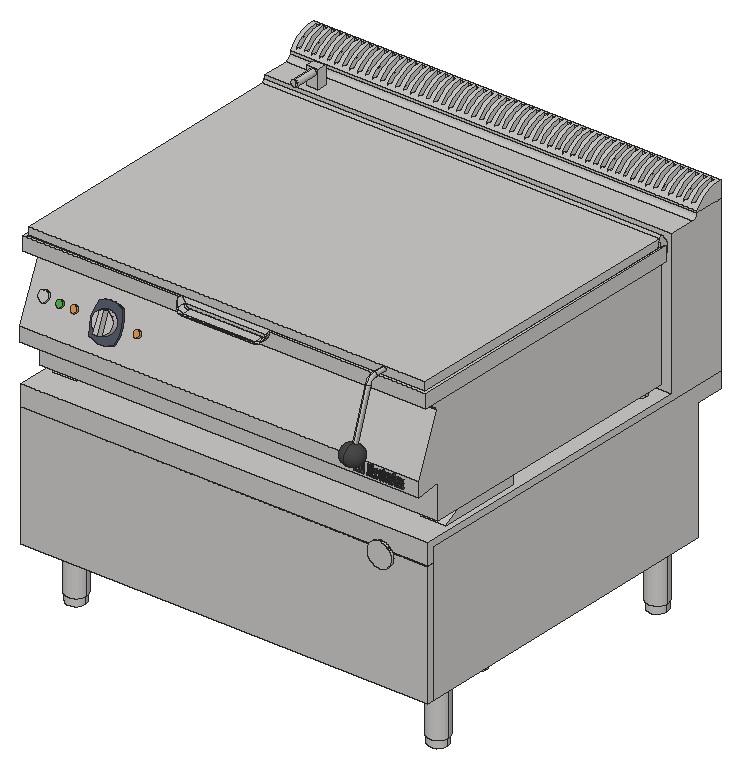
Revit family "QF_ELECTROLUXPROFESSIONAL_391286_E9BRGJDP4M", category Specialty Equipment, Revit 2018
Family settings
  Round Connector Dimension = Use Diameter
  Part Type = Normal
  Work Plane-Based = No
  Always vertical = Yes
  Cut with Voids When Loaded = No
  Shared = No
  Room Calculation Point = No
Parameters (values of type "Standard")
  Weight = 180.00 kg
  Watts = 0 W
  Volts = 220 V
  URL Manufacturer = "https://www.electroluxprofessional.com/"
  URL = "https://www.electroluxprofessional.com/"
  Steam Supply Size = 0"
  Steam Supply Minimum Pressure = 0.00 psi
  Steam Supply Maximum Pressure = 0.00 psi
  Steam Pounds per Hour = 0
  Show Logo [instance] = yes
  Show Clearance [instance] = yes
  Refrigeration Suction Line Size = 0 mm
  Refrigeration Liquid Line Size = 0 mm
  Refrigerant Compressor Remote = yes
  Phase = 1
  Model = "E9BRGJDP4M"
  Manufacturer = "Electrolux Professional"
  Length Actual = 1000 mm  # constant formula
  Item Number = "391286"
  Hot Water Size = 0"
  Height Actual = 850 mm  # constant formula
  HP = "0.1 HP"
  Gas Size = 1/2"
  Gas KW = 27
  Gas Input Pressure = 0.805176 Btu/h
  Direct Waste Size = 0"
  Description = "100L GAS BRATTPAN DUOMAT BOTTOM AUT-60HZ"
  Depth Actual = 930 mm  # constant formula
  Cycle = 60 Hz
  Condensate Return Size = 0"
  Compressed Air Volume = 0 GPM
  Compressed Air Size = 0"
  Compressed Air Pressure = 0.00 psi
  Cold Water Size = 3/4"
  Assembly Code = ""
  Accessory = yes
Reference planes
  plane 1 "BACK": y = 0
  plane 2: z = 0
  plane 3 "LEFT": x = 0
  plane 4 "RIGHT": x = 1000
  plane 5 "FRONT": y = -915
  plane 6 "TOP": z = 908
  plane 7 "Center Y": x = 500
  plane 8 "Center X": y = -457.5
  plane 9 "Base": z = 149
  plane 10: z = 502.193
  plane 11: z = 1653
  plane 12: y = -125
  plane 13: y = -799
  plane 14: x = 55
  plane 15: y = -160.853
  plane 16: x = 945
  plane 17: y = -1014
  plane 18: y = -899.182
  plane 19: x = 986
  plane 20: z = 850
  plane 21 "Connection": z = 182
  plane 22: y = -706
  plane 23: x = 265
  plane 24: x = 105
  plane 25: x = 195
  plane 26 "FUME": z = 866.248
Forms (mm)
  Revolve 1, solid, material "QF_Finishes_Stainless Steel"
    sketch origin (0, -125, 0) x (1, 0, 0) y (0, 0, 1)
      loop
        line (55, 0) -> (55, 149) -> (29.6, 149) -> (29.6, 19.05) -> (32.1, 19.05) -> (32.1, 0) -> (55, 0)
      axis (55, 0) -> (55, 149)
    angle from 0 to 360
  Revolve 2, solid, material "QF_Finishes_Stainless Steel"
    sketch origin (0, -799, 0) x (1, 0, 0) y (0, 0, 1)
      loop
        line (55, 0) -> (55, 149) -> (29.6, 149) -> (29.6, 19.05) -> (32.1, 19.05) -> (32.1, 0) -> (55, 0)
      axis (55, 0) -> (55, 149)
    angle from 0 to 360
  Extrusion 3, solid, material "QF_Finishes_Stainless Steel"
    sketch origin (0, -214.682, 0) x (0, 1, 0) y (0, 0, 1)
      loop
        line (214.682, 487.193) -> (214.682, 866.248) -> (143.055, 866.248)
        arc (143.055, 866.248) -> (139.432, 857.502) -> (130.686, 853.88) r 12.368
        line (130.686, 853.88) -> (64.682, 853.88) -> (64.682, 502.193) -> (-684.5, 502.193) -> (-684.5, 452.193) -> (-669.5, 452.193) -> (-669.5, 487.193) -> (214.682, 487.193)
      loop
        line (-669.5, 149) -> (-669.5, 451.193) -> (-684.5, 451.193) -> (-684.5, 149) -> (-669.5, 149)
    from 0 to 1000
  Extrusion 4, solid, material "QF_Finishes_Stainless Steel"
    sketch origin (0, -214.682, 0) x (0, 1, 0) y (0, 0, 1)
      loop
        line (44.029, 528.406) -> (44.029, 817.127) -> (-678.5, 817.127) -> (-678.5, 809.681) -> (-643.264, 774.446) -> (-700.318, 641.094) -> (-700.318, 606.094) -> (-640.765, 613.406) -> (-640.765, 528.406) -> (44.029, 528.406)
    from 10 to 990
  Sweep 5, solid, material "QF_Finishes_Stainless Steel"
    path origin (0, -204.882, 145) x (-1, 0, 0) y (0, -1, 0)
      loop
        line (-389.998, 694.3) -> (-5, 694.3) -> (-5, -44.029) -> (-995, -44.029) -> (-995, 694.3) -> (-610.002, 694.3)
    profile origin (802.501, -899.182, 145) x (0, -1, 0) y (0, 0, 1)
      loop
        line (-5, 651.359) -> (0, 651.359) -> (0, 685.301) -> (-6, 685.301) -> (-6, 681.062) -> (-5, 681.062) -> (-5, 651.359)
  Extrusion 6, solid, material "QF_Finishes_Stainless Steel"
    sketch origin (0, -214.682, -5) x (0, 1, 0) y (0, 0, 1)
      loop
        line (33.715, 835.301) -> (42.572, 855) -> (-677.138, 855) -> (-677.138, 835.301) -> (33.715, 835.301)
      loop
        arc (64.305, 837.022) -> (57.071, 850.749) -> (45.92, 861.539) r 49.182
        line (45.92, 861.539) -> (39.069, 846.301) -> (45.904, 846.301) -> (45.904, 832.604) -> (64.305, 814.204) -> (64.305, 837.022)
    from 12.363 to 987.637
  Extrusion 7, solid, material "QF_Finishes_Stainless Steel"
    sketch origin (0, -214.682, 0) x (0, 1, 0) y (0, 0, 1)
      loop
        line (-403.818, 528.406) -> (-556.057, 528.406) -> (-609.801, 502.193) -> (-403.818, 502.193) -> (-403.818, 528.406)
    from 16.63 to 76.513
  Extrusion 8, solid, material "QF_Finishes_Stainless Steel"
    sketch origin (0, -207.182, 150) x (-1, 0, 0) y (0, -1, 0)
      loop
        circle (-953.429, -17.496) r 15
      loop
        circle (-46.571, -17.496) r 15
    from 352.193 to 378.406
  Extrusion 9, solid, material "QF_Finishes_Stainless Steel"
    sketch origin (0, -64.682, 0) x (0, 1, 0) y (0, 0, 1)
      loop
        line (-43.387, 853.88) -> (-43.387, 898) -> (-67.444, 898) -> (-67.444, 853.88) -> (-43.387, 853.88)
    from 87.469 to 116.843
  Revolve 10, solid, material "QF_Finishes_Stainless Steel"
    sketch origin (103.25, -64.682, -10) x (0, 1, 0) y (0, 0, 1)
      loop
        line (-67.444, 898.097) -> (-67.444, 906.222) -> (-123.629, 906.222) -> (-123.629, 898.097) -> (-67.444, 898.097)
      axis (-123.629, 898.097) -> (-67.444, 898.097)
    angle from 0 to 360
  Extrusion 11, solid, material "QF_Clearances", visible <- "Show Clearance", detail levels coarse
    sketch origin (0, -214.682, 0) x (1, 0, 0) y (0, 1, 0)
      loop
        line (1000, 214.682) -> (1000, -700.318) -> (1050, -700.318) -> (1050, 264.682) -> (-50, 264.682) -> (-50, -700.318) -> (0, -700.318) -> (0, 214.682) -> (1000, 214.682)
    from 0 to 908
  Extrusion 12, solid, material "QF_Finishes_Stainless Steel"
    sketch origin (1000, 0, 0) x (0, 1, 0) y (0, 0, 1)
      loop
        line (-884.182, 149) -> (-69, 149) -> (-69, 448) -> (0, 448) -> (0, 487.193) -> (-884.182, 487.193) -> (-884.182, 149)
    from 0 to -1000
  Revolve 13, solid, material "QF_Finishes_Stainless Steel"
    sketch origin (1000, -125, 0) x (-1, 0, 0) y (0, 0, -1)
      loop
        line (55, 0) -> (32.1, 0) -> (32.1, -19.05) -> (29.6, -19.05) -> (29.6, -149) -> (55, -149) -> (55, 0)
      axis (55, 0) -> (55, -149)
    angle from 0 to 360
  Revolve 14, solid, material "QF_Finishes_Stainless Steel"
    sketch origin (1000, -799, 0) x (-1, 0, 0) y (0, 0, -1)
      loop
        line (55, 0) -> (32.1, 0) -> (32.1, -19.05) -> (29.6, -19.05) -> (29.6, -149) -> (55, -149) -> (55, 0)
      axis (55, 0) -> (55, -149)
    angle from 0 to 360
  Extrusion 15, solid, material "QF_Finishes_Stainless Steel"
    sketch origin (1000, -69, 149) x (-1, 0, 0) y (0, 1, 0)
      loop
        circle (14, -649.182) r 12.7
    from 0 to 5
  Extrusion 16, solid, material "QF_Finishes_Stainless Steel"
    sketch origin (-3.75, -899.182, 149) x (0, 0, 1) y (-1, 0, 0)
      loop
        circle (289.443, -888.75) r 30
    from 0 to 5
  Extrusion 17, solid, material "QF_Finishes_Stainless Steel"
    sketch origin (0, 0, 182) x (-1, 0, 0) y (0, -1, 0)
      loop
        circle (-105, 706) r 6.35
    from 0 to 45
  Extrusion 18, solid, material "QF_Finishes_Stainless Steel"
    sketch origin (21.213, 21.213, 182) x (-1, 0, 0) y (0, -1, 0)
      loop
        circle (-173.787, 719.213) r 6.35
    from 0 to 45
  Extrusion 19, solid, material "QF_Finishes_Stainless Steel"
    sketch origin (130, 0, 182) x (-1, 0, 0) y (0, -1, 0)
      loop
        circle (-135, 706) r 6.35
    from 0 to 45
  Extrusion 20, solid, material "QF_Finishes_Orange"
    sketch origin (9.372, -901.482, 672.689) x (0, 0.393353, 0.919387) y (-1, 0, 0)
      loop
        circle (34.513, -113.251) r 8
    from 0 to 3.175
  Extrusion 21, solid, material "QF_Finishes_Green"
    sketch origin (14.068, -901.51, 672.624) x (0, 0.393353, 0.919387) y (-1, 0, 0)
      loop
        circle (34.513, -73.251) r 8
    from 0 to 3.175
  Extrusion 22, solid, material "QF_Finishes_Stainless Steel"
    sketch origin (-159.296, -918.156, 641.79) x (0, 0.393353, 0.919387) y (-1, 0, 0)
      loop
        circle (68.826, -362.213) r 25.4
    from 0 to 12.7
  Extrusion 23, solid, material "QF_Finishes_Stainless Steel"
    sketch origin (-159.296, -929.832, 646.786) x (0, 0.393353, 0.919387) y (-1, 0, 0)
      loop
        arc (93.558, -367.999) -> (94.226, -362.213) -> (93.558, -356.427) r 25.4
        line (93.558, -356.427) -> (44.094, -356.427)
        arc (44.094, -356.427) -> (43.426, -362.213) -> (44.094, -367.999) r 25.4
        line (44.094, -367.999) -> (93.558, -367.999)
    from 0 to 12.7
  Extrusion 24, solid, material "QF_Finishes_Stainless Steel"
    sketch origin (-189.063, -915, 641.094) x (0, 0.393353, 0.919387) y (-1, 0, 0)
      loop
        circle (71.473, -236.635) r 12.7
    from 0 to 3.2
  Extrusion 25, solid, material "QF_Finishes_Orange"
    sketch origin (164.372, -901.482, 672.689) x (0, 0.393353, 0.919387) y (-1, 0, 0)
      loop
        circle (34.513, -113.251) r 8
    from 0 to 3.175
  Extrusion 26, solid, material "QF_Finishes_Stainless Steel"
    sketch origin (50, -201.682, -15.905) x (1, 0, 0) y (0, 0, 1)
      loop
        line (361.528, 822.127) -> (538.476, 822.127)
        arc (538.476, 822.127) -> (548.276, 824.753) -> (555.45, 831.927) r 19.6
        line (555.45, 831.927) -> (559.998, 839.805) -> (559.998, 846.205) -> (552.678, 833.527)
        arc (552.678, 833.527) -> (546.676, 827.524) -> (538.476, 825.327) r 16.4
        line (538.476, 825.327) -> (361.528, 825.327)
        arc (361.528, 825.327) -> (353.322, 827.526) -> (347.314, 833.534) r 16.413
        line (347.314, 833.534) -> (339.998, 846.205) -> (339.998, 839.805) -> (344.543, 831.934)
        arc (344.543, 831.934) -> (351.722, 824.755) -> (361.528, 822.127) r 19.613
    from 697.5 to 717.595
  Extrusion 27, void
    sketch origin (950, 188.397, 1219.2) x (0, -1, 0) y (0, 0, 1)
      loop
        line (1110.167, -415.736) -> (1110.167, -387.945) -> (1093.05, -387.945) -> (1110.167, -415.736)
    from 290.004 to 610
  Extrusion 28, solid, material "QF_Finishes_Stainless Steel"
    sketch origin (1000, -214.682, 0) x (0, 1, 0) y (0, 0, -1)
      loop
        line (-403.818, -528.406) -> (-403.818, -502.193) -> (-609.801, -502.193) -> (-556.057, -528.406) -> (-403.818, -528.406)
    from 16.63 to 76.513
  Sweep 29, solid, material "QF_Finishes_Stainless Steel"
    path origin (208.879, -214.682, -10) x (0, 1, 0) y (0, 0, 1)
      loop
        line (-677.138, 852.831) -> (-705.492, 852.831)
        arc (-705.492, 852.831) -> (-716.963, 849.214) -> (-724.286, 839.672) r 20
        line (-724.286, 839.672) -> (-765.322, 726.924)
    profile origin (208.879, -905.997, 842.831) x (0, 0, -1) y (1, 0, 0)
      loop
        circle (0, 676.16) r 5
  Revolve 30, solid, material "QF_Finishes_Black"
    sketch origin (884.991, -194.682, 0) x (0, 1, 0) y (0, 0, 1)
      loop
        line (-785.322, 716.924) -> (-792.738, 719.623)
        arc (-792.738, 719.623) -> (-818.978, 701.075) -> (-800.713, 674.638) r 22.845
        line (-800.713, 674.638) -> (-785.322, 716.924)
      axis (-785.322, 716.924) -> (-800.713, 674.638)
    angle from 0 to 360
  Extrusion 31, solid, material "QF_Clearances", visible <- "Show Clearance", detail levels coarse
    sketch origin (200, -996.643, 709.193) x (0, 0.238373, -0.971174) y (0, 0.971174, 0.238373)
      loop
        line (33.715, 835.301) -> (42.572, 855) -> (-677.138, 855) -> (-677.138, 835.301) -> (33.715, 835.301)
      loop
        arc (64.305, 837.022) -> (57.071, 850.749) -> (45.92, 861.539) r 49.182
        line (45.92, 861.539) -> (39.069, 846.301) -> (45.904, 846.301) -> (45.904, 832.604) -> (64.305, 814.204) -> (64.305, 837.022)
    from -187.637 to 787.637
  Sweep 32, solid, material "QF_Clearances", visible <- "Show Clearance", detail levels coarse
    path origin (208.84, -1001.499, 708.002) x (0, 0.238373, -0.971174) y (0, 0.971174, 0.238373)
      loop
        line (-677.138, 852.831) -> (-705.492, 852.831)
        arc (-705.492, 852.831) -> (-716.963, 849.214) -> (-724.286, 839.672) r 20
        line (-724.286, 839.672) -> (-765.322, 726.924)
    profile origin (208.84, -338.043, 1582.68) x (0, -0.971174, -0.238373) y (1, 0, 0)
      loop
        circle (0, 676.16) r 5
  Revolve 33, solid, material "QF_Clearances", visible <- "Show Clearance", detail levels coarse
    sketch origin (885, -987.02, 690.962) x (0, 0.238373, -0.971174) y (0, 0.971174, 0.238373)
      loop
        line (-785.322, 716.924) -> (-792.738, 719.623)
        arc (-792.738, 719.623) -> (-818.978, 701.075) -> (-800.713, 674.638) r 22.845
        line (-800.713, 674.638) -> (-785.322, 716.924)
      axis (-785.322, 716.924) -> (-800.713, 674.638)
    angle from 0 to 360
  Extrusion 34, solid, material "QF_Finishes_Navy Blue"
    sketch origin (-55.546, -1052.067, 320.727) x (0, 0.393353, 0.919387) y (-1, 0, 0)
      loop
        arc (453.989, -230.321) -> (416.907, -221.34) -> (379.375, -228.202) r 91.844
        arc (379.375, -228.202) -> (372.249, -258.844) -> (379.375, -289.487) r 69.441
        arc (379.375, -289.487) -> (416.897, -296.198) -> (453.989, -287.419) r 93.759
        arc (453.989, -287.419) -> (460.218, -258.87) -> (453.989, -230.321) r 68.543
    from 0 to 3.175
  Extrusion 35, solid, material "QF_Finishes_Navy Blue", visible <- "Show Logo"
    sketch origin (681.175, -915, 608.853) x (0, 0, 1) y (-1, 0, 0)
      loop
        line (26.951, -165.54) -> (5.387, -165.54)
        arc (5.387, -165.54) -> (16.169, -173.512) -> (26.951, -165.54) r 11.278
      loop
        arc (26.951, -164.444) -> (24.913, -155.475) -> (16.794, -151.154) r 11.052
        line (16.794, -151.154) -> (16.794, -154.722)
        arc (16.794, -154.722) -> (19.381, -161.095) -> (25.39, -164.444) r 10.359
        line (25.39, -164.444) -> (26.951, -164.444)
      loop
        arc (6.948, -164.444) -> (12.957, -161.095) -> (15.544, -154.722) r 10.359
        line (15.544, -154.722) -> (15.544, -151.154)
        arc (15.544, -151.154) -> (7.358, -155.468) -> (5.11, -164.444) r 11.341
        line (5.11, -164.444) -> (6.948, -164.444)
      loop
        line (28.128, -150.336) -> (4.161, -150.336) -> (4.161, -174.336) -> (28.128, -174.336) -> (28.128, -150.336)
      loop
        spline (16.361, -188.464) -> (16.369, -188.263) -> (16.397, -188.049) -> (16.447, -187.828) -> (16.523, -187.605) -> (16.628, -187.386) -> (16.766, -187.177) -> (16.939, -186.985) -> (17.152, -186.814) -> (17.407, -186.671) -> (17.709, -186.562) -> (18.059, -186.492) -> (18.462, -186.467)
        line (18.462, -186.467) -> (20.251, -186.467) -> (20.251, -192.37) -> (22.531, -192.37) -> (22.531, -186.466) -> (25.85, -186.466) -> (25.85, -192.746) -> (28.124, -192.746) -> (28.124, -184.05) -> (18.566, -184.05)
        spline (18.566, -184.05) -> (17.978, -184.071) -> (17.424, -184.137) -> (16.905, -184.248) -> (16.424, -184.406) -> (15.983, -184.612) -> (15.583, -184.866) -> (15.226, -185.171) -> (14.914, -185.528) -> (14.649, -185.937) -> (14.434, -186.401) -> (14.269, -186.919) -> (14.157, -187.495)
        line (14.157, -187.495) -> (14.089, -188.444) -> (14.089, -192.915) -> (16.361, -192.915) -> (16.361, -188.464)
      loop
        line (21.492, -194.632) -> (14.086, -194.632) -> (14.086, -197.049) -> (28.128, -197.049) -> (28.128, -194.632) -> (21.492, -194.632)
      loop
        spline (18.571, -208.979) -> (19.331, -208.995) -> (20.067, -208.922) -> (20.77, -208.763) -> (21.436, -208.522) -> (22.055, -208.2) -> (22.623, -207.802) -> (23.132, -207.331) -> (23.576, -206.789) -> (23.947, -206.18) -> (24.24, -205.507) -> (24.447, -204.772) -> (24.561, -203.98)
        spline (24.561, -203.98) -> (24.517, -203.228) -> (24.388, -202.513) -> (24.178, -201.84) -> (23.889, -201.216) -> (23.524, -200.646) -> (23.088, -200.134) -> (22.582, -199.687) -> (22.011, -199.309) -> (21.378, -199.005) -> (20.686, -198.782) -> (19.937, -198.644) -> (19.137, -198.597)
        spline (19.137, -198.597) -> (18.356, -198.643) -> (17.626, -198.777) -> (16.949, -198.995) -> (16.331, -199.293) -> (15.772, -199.666) -> (15.278, -200.111) -> (14.851, -200.623) -> (14.494, -201.198) -> (14.211, -201.832) -> (14.005, -202.519) -> (13.878, -203.257) -> (13.836, -204.041)
        spline (13.836, -204.041) -> (13.845, -204.424) -> (13.874, -204.802) -> (13.924, -205.175) -> (13.997, -205.545) -> (14.096, -205.909) -> (14.223, -206.27) -> (14.378, -206.625) -> (14.564, -206.976) -> (14.783, -207.322) -> (15.037, -207.664) -> (15.328, -208) -> (15.657, -208.331)
        line (15.657, -208.331) -> (17.073, -206.874)
        spline (17.073, -206.874) -> (16.889, -206.682) -> (16.719, -206.489) -> (16.566, -206.293) -> (16.427, -206.093) -> (16.305, -205.887) -> (16.198, -205.673) -> (16.108, -205.449) -> (16.033, -205.213) -> (15.975, -204.965) -> (15.933, -204.701) -> (15.908, -204.421) -> (15.9, -204.122)
        spline (15.9, -204.122) -> (15.921, -203.685) -> (15.985, -203.275) -> (16.089, -202.893) -> (16.233, -202.542) -> (16.413, -202.224) -> (16.628, -201.939) -> (16.878, -201.691) -> (17.159, -201.479) -> (17.471, -201.308) -> (17.811, -201.177) -> (18.178, -201.089) -> (18.571, -201.046)
        line (18.571, -201.046) -> (18.571, -208.979)
      loop
        spline (20.271, -206.55) -> (20.57, -206.527) -> (20.857, -206.458) -> (21.131, -206.348) -> (21.387, -206.199) -> (21.624, -206.014) -> (21.839, -205.797) -> (22.028, -205.55) -> (22.189, -205.276) -> (22.32, -204.98) -> (22.416, -204.663) -> (22.476, -204.329) -> (22.497, -203.98)
        spline (22.497, -203.98) -> (22.476, -203.607) -> (22.417, -203.248) -> (22.322, -202.905) -> (22.194, -202.584) -> (22.034, -202.285) -> (21.847, -202.013) -> (21.633, -201.77) -> (21.396, -201.56) -> (21.139, -201.385) -> (20.864, -201.25) -> (20.574, -201.156) -> (20.271, -201.107)
        line (20.271, -201.107) -> (20.271, -206.55)
      loop
        spline (19.198, -212.675) -> (19.648, -212.703) -> (20.074, -212.784) -> (20.475, -212.915) -> (20.846, -213.093) -> (21.184, -213.314) -> (21.487, -213.576) -> (21.752, -213.875) -> (21.976, -214.207) -> (22.155, -214.571) -> (22.286, -214.961) -> (22.368, -215.376) -> (22.395, -215.812)
        spline (22.395, -215.812) -> (22.387, -216.079) -> (22.362, -216.336) -> (22.321, -216.581) -> (22.264, -216.816) -> (22.192, -217.042) -> (22.105, -217.259) -> (22.002, -217.467) -> (21.886, -217.668) -> (21.755, -217.861) -> (21.611, -218.047) -> (21.453, -218.228) -> (21.283, -218.402)
        line (21.283, -218.402) -> (22.841, -219.9)
        spline (22.841, -219.9) -> (23.139, -219.602) -> (23.407, -219.295) -> (23.645, -218.979) -> (23.855, -218.656) -> (24.037, -218.324) -> (24.192, -217.985) -> (24.32, -217.639) -> (24.424, -217.286) -> (24.503, -216.926) -> (24.558, -216.56) -> (24.591, -216.189) -> (24.601, -215.812)
        spline (24.601, -215.812) -> (24.555, -215.057) -> (24.418, -214.333) -> (24.195, -213.648) -> (23.893, -213.008) -> (23.516, -212.418) -> (23.068, -211.886) -> (22.556, -211.419) -> (21.984, -211.021) -> (21.357, -210.701) -> (20.681, -210.465) -> (19.959, -210.318) -> (19.198, -210.268)
        spline (19.198, -210.268) -> (18.437, -210.318) -> (17.716, -210.465) -> (17.039, -210.701) -> (16.412, -211.021) -> (15.84, -211.419) -> (15.328, -211.886) -> (14.881, -212.418) -> (14.503, -213.008) -> (14.201, -213.648) -> (13.979, -214.333) -> (13.842, -215.057) -> (13.795, -215.812)
        spline (13.795, -215.812) -> (13.806, -216.189) -> (13.838, -216.56) -> (13.894, -216.926) -> (13.973, -217.286) -> (14.076, -217.639) -> (14.205, -217.985) -> (14.36, -218.324) -> (14.542, -218.656) -> (14.751, -218.979) -> (14.99, -219.295) -> (15.257, -219.602) -> (15.556, -219.9)
        line (15.556, -219.9) -> (17.114, -218.402)
        spline (17.114, -218.402) -> (16.943, -218.228) -> (16.786, -218.047) -> (16.641, -217.861) -> (16.511, -217.668) -> (16.394, -217.467) -> (16.292, -217.259) -> (16.204, -217.042) -> (16.132, -216.816) -> (16.075, -216.581) -> (16.034, -216.336) -> (16.009, -216.079) -> (16.001, -215.812)
        spline (16.001, -215.812) -> (16.029, -215.376) -> (16.11, -214.961) -> (16.242, -214.571) -> (16.421, -214.207) -> (16.644, -213.875) -> (16.909, -213.576) -> (17.212, -213.314) -> (17.551, -213.093) -> (17.922, -212.915) -> (18.322, -212.784) -> (18.748, -212.703) -> (19.198, -212.675)
      loop
        spline (16.358, -226.063) -> (16.354, -225.85) -> (16.37, -225.622) -> (16.41, -225.384) -> (16.477, -225.143) -> (16.575, -224.905) -> (16.708, -224.675) -> (16.88, -224.461) -> (17.095, -224.267) -> (17.357, -224.1) -> (17.669, -223.965) -> (18.036, -223.87) -> (18.462, -223.819)
        line (18.462, -223.819) -> (22.044, -223.819) -> (22.044, -226.018) -> (24.24, -226.018) -> (24.24, -223.822) -> (28.128, -223.822) -> (28.128, -221.405) -> (18.325, -221.405)
        spline (18.325, -221.405) -> (17.756, -221.457) -> (17.221, -221.55) -> (16.722, -221.687) -> (16.26, -221.867) -> (15.838, -222.093) -> (15.456, -222.365) -> (15.118, -222.685) -> (14.824, -223.053) -> (14.577, -223.471) -> (14.378, -223.94) -> (14.229, -224.46) -> (14.132, -225.034)
        line (14.132, -225.034) -> (14.086, -226.054) -> (16.358, -226.063)
      loop
        spline (24.381, -234.197) -> (24.407, -233.778) -> (24.399, -233.376) -> (24.36, -232.99) -> (24.289, -232.622) -> (24.188, -232.273) -> (24.058, -231.943) -> (23.901, -231.635) -> (23.716, -231.349) -> (23.505, -231.087) -> (23.27, -230.849) -> (23.011, -230.636) -> (22.73, -230.45)
        line (22.73, -230.45) -> (24.24, -230.45) -> (24.24, -228.052) -> (14.086, -228.052) -> (14.086, -230.45) -> (19.425, -230.45)
        spline (19.425, -230.45) -> (19.83, -230.472) -> (20.207, -230.537) -> (20.555, -230.643) -> (20.873, -230.788) -> (21.159, -230.972) -> (21.412, -231.192) -> (21.63, -231.448) -> (21.811, -231.736) -> (21.955, -232.056) -> (22.059, -232.406) -> (22.123, -232.784) -> (22.145, -233.189)
        line (22.145, -233.189) -> (22.044, -234.197) -> (24.381, -234.197)
      loop
        spline (19.163, -245.648) -> (19.908, -245.597) -> (20.618, -245.45) -> (21.287, -245.212) -> (21.909, -244.892) -> (22.48, -244.494) -> (22.993, -244.026) -> (23.443, -243.494) -> (23.823, -242.904) -> (24.129, -242.265) -> (24.354, -241.581) -> (24.494, -240.86) -> (24.542, -240.108)
        spline (24.542, -240.108) -> (24.494, -239.351) -> (24.354, -238.627) -> (24.129, -237.941) -> (23.823, -237.301) -> (23.443, -236.712) -> (22.993, -236.181) -> (22.48, -235.714) -> (21.909, -235.318) -> (21.287, -234.999) -> (20.618, -234.763) -> (19.908, -234.617) -> (19.163, -234.567)
        spline (19.163, -234.567) -> (18.418, -234.617) -> (17.708, -234.763) -> (17.039, -234.999) -> (16.417, -235.318) -> (15.846, -235.714) -> (15.333, -236.181) -> (14.883, -236.712) -> (14.502, -237.301) -> (14.197, -237.941) -> (13.971, -238.627) -> (13.831, -239.351) -> (13.784, -240.108)
        spline (13.784, -240.108) -> (13.831, -240.86) -> (13.971, -241.581) -> (14.197, -242.265) -> (14.502, -242.904) -> (14.883, -243.494) -> (15.333, -244.026) -> (15.846, -244.494) -> (16.417, -244.892) -> (17.039, -245.212) -> (17.708, -245.45) -> (18.418, -245.597) -> (19.163, -245.648)
      loop
        spline (19.163, -243.25) -> (19.602, -243.222) -> (20.021, -243.14) -> (20.417, -243.008) -> (20.785, -242.829) -> (21.123, -242.606) -> (21.427, -242.344) -> (21.693, -242.044) -> (21.919, -241.71) -> (22.101, -241.347) -> (22.235, -240.956) -> (22.318, -240.542) -> (22.346, -240.108)
        spline (22.346, -240.108) -> (22.318, -239.669) -> (22.235, -239.252) -> (22.101, -238.86) -> (21.919, -238.496) -> (21.693, -238.163) -> (21.427, -237.864) -> (21.123, -237.602) -> (20.785, -237.381) -> (20.417, -237.204) -> (20.021, -237.073) -> (19.602, -236.993) -> (19.163, -236.965)
        spline (19.163, -236.965) -> (18.723, -236.993) -> (18.304, -237.073) -> (17.909, -237.204) -> (17.541, -237.381) -> (17.203, -237.602) -> (16.899, -237.864) -> (16.632, -238.163) -> (16.406, -238.496) -> (16.225, -238.86) -> (16.091, -239.252) -> (16.008, -239.669) -> (15.979, -240.108)
        spline (15.979, -240.108) -> (16.008, -240.542) -> (16.091, -240.956) -> (16.225, -241.347) -> (16.406, -241.71) -> (16.632, -242.044) -> (16.899, -242.344) -> (17.203, -242.606) -> (17.541, -242.829) -> (17.909, -243.008) -> (18.304, -243.14) -> (18.723, -243.222) -> (19.163, -243.25)
      loop
        line (21.735, -247.134) -> (14.086, -247.134) -> (14.086, -249.553) -> (28.128, -249.553) -> (28.128, -247.134) -> (21.735, -247.134)
      loop
        line (24.24, -258.272) -> (18.337, -258.272)
        spline (18.337, -258.272) -> (17.953, -258.252) -> (17.607, -258.196) -> (17.298, -258.104) -> (17.025, -257.979) -> (16.788, -257.824) -> (16.584, -257.639) -> (16.415, -257.429) -> (16.277, -257.194) -> (16.172, -256.937) -> (16.098, -256.66) -> (16.054, -256.365) -> (16.04, -256.055)
        spline (16.04, -256.055) -> (16.054, -255.745) -> (16.098, -255.45) -> (16.172, -255.173) -> (16.277, -254.916) -> (16.413, -254.682) -> (16.582, -254.471) -> (16.784, -254.287) -> (17.019, -254.132) -> (17.29, -254.007) -> (17.595, -253.915) -> (17.937, -253.859) -> (18.316, -253.839)
        line (18.316, -253.839) -> (24.24, -253.839) -> (24.24, -251.401) -> (18.115, -251.401)
        spline (18.115, -251.401) -> (17.421, -251.445) -> (16.79, -251.57) -> (16.22, -251.771) -> (15.713, -252.043) -> (15.267, -252.379) -> (14.881, -252.774) -> (14.556, -253.221) -> (14.292, -253.715) -> (14.086, -254.249) -> (13.94, -254.818) -> (13.853, -255.415) -> (13.824, -256.035)
        spline (13.824, -256.035) -> (13.853, -256.661) -> (13.942, -257.263) -> (14.09, -257.836) -> (14.298, -258.375) -> (14.567, -258.873) -> (14.896, -259.324) -> (15.287, -259.722) -> (15.74, -260.061) -> (16.254, -260.335) -> (16.832, -260.538) -> (17.472, -260.665) -> (18.176, -260.708)
        line (18.176, -260.708) -> (24.24, -260.708) -> (24.24, -258.272)
      loop
        line (17.333, -269.856) -> (19.465, -268.331) -> (22.037, -270.219) -> (24.239, -271.836) -> (24.239, -269.197) -> (21.197, -267) -> (24.239, -264.785) -> (24.239, -262.166) -> (22.185, -263.668) -> (19.445, -265.671) -> (16.52, -263.571) -> (14.086, -261.823) -> (14.086, -264.422) -> (17.672, -267) -> (14.086, -269.579) -> (14.086, -272.178) -> (17.333, -269.856)
      loop
        line (9.015, -185.409) -> (9.015, -183.539) -> (4.161, -183.539) -> (4.161, -184.537) -> (5.806, -184.537) -> (5.806, -185.409)
        arc (5.806, -185.409) -> (7.41, -187.014) -> (9.015, -185.409) r 1.605
      loop
        arc (6.731, -185.476) -> (7.41, -186.056) -> (8.089, -185.476) r 0.687
        line (8.089, -185.476) -> (8.089, -184.537) -> (6.731, -184.537) -> (6.731, -185.476)
      loop
        line (9.015, -193.025) -> (9.015, -191.122) -> (4.161, -191.122) -> (4.161, -192.12) -> (5.833, -192.12) -> (5.833, -192.986) -> (4.161, -193.838) -> (4.161, -194.971) -> (6.078, -193.806)
        arc (6.078, -193.806) -> (6.645, -194.415) -> (7.45, -194.627) r 1.499
        arc (7.45, -194.627) -> (8.559, -194.145) -> (9.015, -193.025) r 1.602
      loop
        line (8.097, -193.005) -> (8.097, -192.12) -> (6.743, -192.12) -> (6.743, -193.005)
        arc (6.743, -193.005) -> (7.42, -193.556) -> (8.097, -193.005) r 0.691
      loop
        circle (6.588, -201.168) r 2.521
      loop
        circle (6.588, -201.168) r 1.6
      loop
        line (9.015, -207.864) -> (4.161, -207.864) -> (4.161, -208.862) -> (6.156, -208.862) -> (6.156, -210.689) -> (7.073, -210.689) -> (7.073, -208.862) -> (8.098, -208.862) -> (8.098, -210.864) -> (9.015, -210.864) -> (9.015, -207.864)
      loop
        line (9.015, -214.982) -> (5.735, -214.982)
        arc (5.735, -214.982) -> (4.623, -215.429) -> (4.161, -216.535) r 1.554
        line (4.161, -216.535) -> (4.161, -218.103) -> (5.078, -218.103) -> (5.078, -216.944)
        arc (5.078, -216.944) -> (5.427, -216.196) -> (6.223, -215.98) r 0.979
        line (6.223, -215.98) -> (6.223, -217.921) -> (7.141, -217.921) -> (7.141, -215.98) -> (8.098, -215.98) -> (8.098, -218.056) -> (9.015, -218.056) -> (9.015, -214.982)
      loop
        line (7.742, -224.632) -> (8.234, -225.349)
        arc (8.234, -225.349) -> (8.882, -224.684) -> (9.095, -223.78) r 1.738
        arc (9.095, -223.78) -> (8.894, -222.994) -> (8.386, -222.36) r 1.926
        arc (8.386, -222.36) -> (7.749, -222.275) -> (7.12, -222.404) r 1.936
        arc (7.12, -222.404) -> (6.653, -222.836) -> (6.356, -223.4) r 1.881
        arc (6.356, -223.4) -> (6.185, -223.835) -> (5.972, -224.252) r 4.917
        arc (5.972, -224.252) -> (5.357, -224.498) -> (4.996, -223.943) r 0.523
        arc (4.996, -223.943) -> (5.232, -223.24) -> (5.739, -222.7) r 1.738
        line (5.739, -222.7) -> (5.26, -221.938)
        arc (5.26, -221.938) -> (4.761, -222.24) -> (4.38, -222.681) r 1.867
        arc (4.38, -222.681) -> (4.141, -223.241) -> (4.08, -223.846) r 2.013
        arc (4.08, -223.846) -> (4.229, -224.594) -> (4.587, -225.268) r 2.629
        arc (4.587, -225.268) -> (5.379, -225.566) -> (6.211, -225.413) r 1.579
        arc (6.211, -225.413) -> (6.594, -225.08) -> (6.872, -224.656) r 1.83
        arc (6.872, -224.656) -> (7.111, -224.119) -> (7.318, -223.568) r 9.64
        arc (7.318, -223.568) -> (7.812, -223.25) -> (8.179, -223.71) r 0.439
        arc (8.179, -223.71) -> (8.066, -224.221) -> (7.742, -224.632) r 1.168
      loop
        line (9.015, -237.028) -> (4.161, -237.028) -> (4.161, -238.027) -> (9.015, -238.027) -> (9.015, -237.028)
      loop
        circle (6.588, -244.756) r 1.51
      loop
        circle (6.588, -244.756) r 2.521
      loop
        line (4.161, -251.452) -> (4.161, -252.461) -> (7.213, -252.461) -> (4.161, -254.682) -> (4.161, -255.652) -> (9.015, -255.652) -> (9.015, -254.644) -> (5.87, -254.644) -> (9.015, -252.423) -> (9.015, -251.452) -> (4.161, -251.452)
      loop
        line (4.161, -260.684) -> (5.208, -261.157) -> (5.208, -262.953) -> (4.161, -263.425) -> (4.161, -264.498) -> (9.015, -262.025) -> (4.161, -259.613) -> (4.161, -260.684)
      loop
        line (7.2, -262.055) -> (6.204, -261.605) -> (6.204, -262.505) -> (7.2, -262.055)
      loop
        line (5.078, -269.456) -> (9.015, -269.456) -> (9.015, -268.457) -> (4.161, -268.457) -> (4.161, -271.322) -> (5.078, -271.322) -> (5.078, -269.456)
      loop
        line (7.742, -231.965) -> (8.234, -232.682)
        arc (8.234, -232.682) -> (8.882, -232.017) -> (9.095, -231.114) r 1.738
        arc (9.095, -231.114) -> (8.894, -230.327) -> (8.386, -229.693) r 1.926
        arc (8.386, -229.693) -> (7.749, -229.609) -> (7.12, -229.737) r 1.936
        arc (7.12, -229.737) -> (6.653, -230.169) -> (6.356, -230.733) r 1.881
        arc (6.356, -230.733) -> (6.185, -231.168) -> (5.972, -231.586) r 4.917
        arc (5.972, -231.586) -> (5.357, -231.831) -> (4.996, -231.276) r 0.523
        arc (4.996, -231.276) -> (5.232, -230.573) -> (5.739, -230.033) r 1.738
        line (5.739, -230.033) -> (5.26, -229.271)
        arc (5.26, -229.271) -> (4.761, -229.573) -> (4.38, -230.015) r 1.867
        arc (4.38, -230.015) -> (4.141, -230.574) -> (4.08, -231.179) r 2.013
        arc (4.08, -231.179) -> (4.229, -231.928) -> (4.587, -232.602) r 2.629
        arc (4.587, -232.602) -> (5.379, -232.899) -> (6.211, -232.746) r 1.579
        arc (6.211, -232.746) -> (6.594, -232.414) -> (6.872, -231.989) r 1.83
        arc (6.872, -231.989) -> (7.111, -231.452) -> (7.318, -230.901) r 9.64
        arc (7.318, -230.901) -> (7.812, -230.583) -> (8.179, -231.043) r 0.439
        arc (8.179, -231.043) -> (8.066, -231.554) -> (7.742, -231.965) r 1.168
    from 0 to 1.644
  Extrusion 36, solid, material "QF_Finishes_Stainless Steel"
    sketch origin (390.002, -899.182, 830.301) x (-1, 0, 0) y (0, 0, -1)
      loop
        line (0.004, 33.941) -> (-220, 33.941) -> (-220, -0.006) -> (-212.677, 12.678)
        arc (-212.677, 12.678) -> (-206.674, 18.681) -> (-198.474, 20.878) r 16.4
        line (-198.474, 20.878) -> (-21.526, 20.878)
        arc (-21.526, 20.878) -> (-13.32, 18.679) -> (-7.312, 12.672) r 16.413
        line (-7.312, 12.672) -> (0.004, 0) -> (0.004, 33.941)
    from 0 to -6
  Extrusion 37, void
    sketch origin (26.231, 0, 866.248) x (-1, 0, 0) y (0, -1, 0)
      loop
        line (-292.195, 6.761) -> (-282.899, 6.761) -> (-282.899, 63.911) -> (-292.195, 63.911) -> (-292.195, 6.761)
      loop
        line (-310.888, 6.761) -> (-301.592, 6.761) -> (-301.592, 63.911) -> (-310.888, 63.911) -> (-310.888, 6.761)
      loop
        line (-329.58, 6.761) -> (-320.285, 6.761) -> (-320.285, 63.911) -> (-329.58, 63.911) -> (-329.58, 6.761)
      loop
        line (-348.273, 6.761) -> (-338.977, 6.761) -> (-338.977, 63.911) -> (-348.273, 63.911) -> (-348.273, 6.761)
      loop
        line (-366.966, 6.761) -> (-357.67, 6.761) -> (-357.67, 63.911) -> (-366.966, 63.911) -> (-366.966, 6.761)
      loop
        line (-385.658, 6.761) -> (-376.363, 6.761) -> (-376.363, 63.911) -> (-385.658, 63.911) -> (-385.658, 6.761)
      loop
        line (-404.351, 6.761) -> (-395.055, 6.761) -> (-395.055, 63.911) -> (-404.351, 63.911) -> (-404.351, 6.761)
      loop
        line (-423.043, 6.761) -> (-413.748, 6.761) -> (-413.748, 63.911) -> (-423.043, 63.911) -> (-423.043, 6.761)
      loop
        line (-441.736, 6.761) -> (-432.44, 6.761) -> (-432.44, 63.911) -> (-441.736, 63.911) -> (-441.736, 6.761)
      loop
        line (-460.429, 6.761) -> (-451.133, 6.761) -> (-451.133, 63.911) -> (-460.429, 63.911) -> (-460.429, 6.761)
      loop
        line (-479.121, 6.761) -> (-469.826, 6.761) -> (-469.826, 63.911) -> (-479.121, 63.911) -> (-479.121, 6.761)
      loop
        line (-497.814, 6.761) -> (-488.518, 6.761) -> (-488.518, 63.911) -> (-497.814, 63.911) -> (-497.814, 6.761)
      loop
        line (-516.507, 6.761) -> (-507.211, 6.761) -> (-507.211, 63.911) -> (-516.507, 63.911) -> (-516.507, 6.761)
      loop
        line (-535.199, 6.761) -> (-525.903, 6.761) -> (-525.903, 63.911) -> (-535.199, 63.911) -> (-535.199, 6.761)
      loop
        line (-553.892, 6.761) -> (-544.596, 6.761) -> (-544.596, 63.911) -> (-553.892, 63.911) -> (-553.892, 6.761)
      loop
        line (-572.584, 6.761) -> (-563.289, 6.761) -> (-563.289, 63.911) -> (-572.584, 63.911) -> (-572.584, 6.761)
      loop
        line (-591.277, 6.761) -> (-581.981, 6.761) -> (-581.981, 63.911) -> (-591.277, 63.911) -> (-591.277, 6.761)
      loop
        line (-609.97, 6.761) -> (-600.674, 6.761) -> (-600.674, 63.911) -> (-609.97, 63.911) -> (-609.97, 6.761)
      loop
        line (-628.662, 6.761) -> (-619.366, 6.761) -> (-619.366, 63.911) -> (-628.662, 63.911) -> (-628.662, 6.761)
      loop
        line (-647.355, 6.761) -> (-638.059, 6.761) -> (-638.059, 63.911) -> (-647.355, 63.911) -> (-647.355, 6.761)
      loop
        line (-123.962, 6.761) -> (-114.666, 6.761) -> (-114.666, 63.911) -> (-123.962, 63.911) -> (-123.962, 6.761)
      loop
        line (-142.654, 6.761) -> (-133.359, 6.761) -> (-133.359, 63.911) -> (-142.654, 63.911) -> (-142.654, 6.761)
      loop
        line (-161.347, 6.761) -> (-152.051, 6.761) -> (-152.051, 63.911) -> (-161.347, 63.911) -> (-161.347, 6.761)
      loop
        line (-180.04, 6.761) -> (-170.744, 6.761) -> (-170.744, 63.911) -> (-180.04, 63.911) -> (-180.04, 6.761)
      loop
        line (-198.732, 6.761) -> (-189.436, 6.761) -> (-189.436, 63.911) -> (-198.732, 63.911) -> (-198.732, 6.761)
      loop
        line (-217.425, 6.761) -> (-208.129, 6.761) -> (-208.129, 63.911) -> (-217.425, 63.911) -> (-217.425, 6.761)
      loop
        line (-236.117, 6.761) -> (-226.822, 6.761) -> (-226.822, 63.911) -> (-236.117, 63.911) -> (-236.117, 6.761)
      loop
        line (-254.81, 6.761) -> (-245.514, 6.761) -> (-245.514, 63.911) -> (-254.81, 63.911) -> (-254.81, 6.761)
      loop
        line (-273.503, 6.761) -> (-264.207, 6.761) -> (-264.207, 63.911) -> (-273.503, 63.911) -> (-273.503, 6.761)
      loop
        line (-105.269, 6.761) -> (-95.973, 6.761) -> (-95.973, 63.911) -> (-105.269, 63.911) -> (-105.269, 6.761)
      loop
        line (6.887, 6.761) -> (16.182, 6.761) -> (16.182, 63.911) -> (6.887, 63.911) -> (6.887, 6.761)
      loop
        line (-11.806, 6.761) -> (-2.51, 6.761) -> (-2.51, 63.911) -> (-11.806, 63.911) -> (-11.806, 6.761)
      loop
        line (-30.499, 6.761) -> (-21.203, 6.761) -> (-21.203, 63.911) -> (-30.499, 63.911) -> (-30.499, 6.761)
      loop
        line (-49.191, 6.761) -> (-39.896, 6.761) -> (-39.896, 63.911) -> (-49.191, 63.911) -> (-49.191, 6.761)
      loop
        line (-67.884, 6.761) -> (-58.588, 6.761) -> (-58.588, 63.911) -> (-67.884, 63.911) -> (-67.884, 6.761)
      loop
        line (-86.577, 6.761) -> (-77.281, 6.761) -> (-77.281, 63.911) -> (-86.577, 63.911) -> (-86.577, 6.761)
      loop
        line (-666.047, 6.761) -> (-656.752, 6.761) -> (-656.752, 63.911) -> (-666.047, 63.911) -> (-666.047, 6.761)
      loop
        line (-684.74, 6.761) -> (-675.444, 6.761) -> (-675.444, 63.911) -> (-684.74, 63.911) -> (-684.74, 6.761)
      loop
        line (-703.433, 6.761) -> (-694.137, 6.761) -> (-694.137, 63.911) -> (-703.433, 63.911) -> (-703.433, 6.761)
      loop
        line (-722.125, 6.761) -> (-712.829, 6.761) -> (-712.829, 63.911) -> (-722.125, 63.911) -> (-722.125, 6.761)
      loop
        line (-740.818, 6.761) -> (-731.522, 6.761) -> (-731.522, 63.911) -> (-740.818, 63.911) -> (-740.818, 6.761)
      loop
        line (-748.807, 6.761) -> (-748.807, 63.911) -> (-758.103, 63.911) -> (-758.103, 6.761) -> (-748.807, 6.761)
      loop
        line (-776.795, 6.761) -> (-767.499, 6.761) -> (-767.499, 63.911) -> (-776.795, 63.911) -> (-776.795, 6.761)
      loop
        line (-795.488, 6.761) -> (-786.192, 6.761) -> (-786.192, 63.911) -> (-795.488, 63.911) -> (-795.488, 6.761)
      loop
        line (-814.18, 6.761) -> (-804.885, 6.761) -> (-804.885, 63.911) -> (-814.18, 63.911) -> (-814.18, 6.761)
      loop
        line (-832.873, 6.761) -> (-823.577, 6.761) -> (-823.577, 63.911) -> (-832.873, 63.911) -> (-832.873, 6.761)
      loop
        line (-851.566, 6.761) -> (-842.27, 6.761) -> (-842.27, 63.911) -> (-851.566, 63.911) -> (-851.566, 6.761)
      loop
        line (-870.258, 6.761) -> (-860.962, 6.761) -> (-860.962, 63.911) -> (-870.258, 63.911) -> (-870.258, 6.761)
      loop
        line (-888.951, 6.761) -> (-879.655, 6.761) -> (-879.655, 63.911) -> (-888.951, 63.911) -> (-888.951, 6.761)
      loop
        line (-907.643, 6.761) -> (-898.348, 6.761) -> (-898.348, 63.911) -> (-907.643, 63.911) -> (-907.643, 6.761)
      loop
        line (-926.336, 6.761) -> (-917.04, 6.761) -> (-917.04, 63.911) -> (-926.336, 63.911) -> (-926.336, 6.761)
      loop
        line (-945.029, 6.761) -> (-935.733, 6.761) -> (-935.733, 63.911) -> (-945.029, 63.911) -> (-945.029, 6.761)
      loop
        line (-963.721, 6.761) -> (-954.425, 6.761) -> (-954.425, 63.911) -> (-963.721, 63.911) -> (-963.721, 6.761)
    from 9.525 to 45.348
  Extrusion 38, solid, material "QF_Finishes_Stainless Steel"
    sketch origin (-108.759, 0, 591.61) x (0, 1, 0) y (0, 0, 1)
      loop
        line (0, 274.638) -> (0, 316.35)
        arc (0, 316.35) -> (-40.437, 307.046) -> (-71.628, 279.681) r 84.854
        line (-71.628, 279.681) -> (-71.628, 274.638) -> (0, 274.638)
    from 108.759 to 1108.759
Cuts and joins
  Extrusion 27 cuts Extrusion 26
  joined: Sweep 5, Extrusion 26, Extrusion 36
  Extrusion 37 cuts Extrusion 38
Lines and regions (mm)
  symbolic lines
    curve 1: line (10, -915, 149) -> (197.131, -915, 149)
    curve 2: line (0, -899.182, 149) -> (380.622, -899.182, 149)
    curve 3: line (5, -160.853, 149) -> (5, -899.182, 149)
    curve 4: line (0, 0, 149) -> (0, -899.182, 149)
    curve 5: line (1000, -899.182, 149) -> (1000, 0, 149)
    curve 6: line (5, -160.853, 149) -> (95.125, -160.853, 149)
    curve 7: line (989, -171.653, 149) -> (111.375, -171.653, 149)
    curve 8: line (0, -71.628, 149) -> (1000, -71.628, 149)
    curve 9: line (111.375, -160.853, 149) -> (995, -160.853, 149)
    curve 10: line (95.125, -172.111, 149) -> (12.363, -172.111, 149)
    curve 11: line (90.942, -172.111, 149) -> (90.942, -192.672, 149)
    curve 12: line (117.192, -171.653, 149) -> (117.192, -192.672, 149)
    curve 13: arc (90.942, -192.672, 149) -> (104.067, -205.797, 149) -> (117.192, -192.672, 149) r 13.125
    curve 14: line (604.543, -915, 149) -> (880, -915, 149)
    curve 15: line (12.363, -891.82, 149) -> (987.637, -891.82, 149)
    curve 16: line (0, 0, 149) -> (1000, 0, 149)
    curve 20: line (880, -980.005, 149) -> (880, -891.82, 149)
    curve 21: line (890, -980.005, 149) -> (890, -891.82, 149)
    curve 22: spline (885, -987.42, 149) -> (886.603, -987.265, 149) -> (888.14, -986.808, 149) -> (889.545, -986.066, 149) -> (890.761, -985.072, 149) -> (891.737, -983.866, 149) -> (892.431, -982.499, 149) -> (892.815, -981.028, 149) -> (892.874, -979.515, 149) -> (892.604, -978.022, 149) -> (892.016, -976.611, 149) -> (891.136, -975.342, 149) -> (890, -974.268, 149)
    curve 23: spline (890, -980.005, 149) -> (889.957, -980.618, 149) -> (889.83, -981.221, 149) -> (889.619, -981.803, 149) -> (889.33, -982.354, 149) -> (888.967, -982.865, 149) -> (888.536, -983.327, 149) -> (888.044, -983.732, 149) -> (887.5, -984.074, 149) -> (886.913, -984.345, 149) -> (886.294, -984.543, 149) -> (885.653, -984.663, 149) -> (885, -984.703, 149)
    curve 24: spline (885, -984.703, 149) -> (884.347, -984.663, 149) -> (883.706, -984.543, 149) -> (883.087, -984.345, 149) -> (882.5, -984.074, 149) -> (881.956, -983.732, 149) -> (881.464, -983.327, 149) -> (881.033, -982.865, 149) -> (880.67, -982.354, 149) -> (880.381, -981.803, 149) -> (880.17, -981.221, 149) -> (880.043, -980.618, 149) -> (880, -980.005, 149)
    curve 25: spline (880, -974.268, 149) -> (878.864, -975.342, 149) -> (877.984, -976.611, 149) -> (877.396, -978.022, 149) -> (877.126, -979.515, 149) -> (877.185, -981.028, 149) -> (877.569, -982.499, 149) -> (878.263, -983.866, 149) -> (879.239, -985.072, 149) -> (880.455, -986.066, 149) -> (881.86, -986.808, 149) -> (883.397, -987.265, 149) -> (885, -987.42, 149)
    curve 26: line (95.125, -188.311, 149) -> (111.375, -188.311, 149)
    curve 27: line (95.125, -132.127, 149) -> (95.125, -188.311, 149)
    curve 28: line (111.375, -188.311, 149) -> (111.375, -132.127, 149)
    curve 29: line (87.469, -132.127, 149) -> (116.843, -132.127, 149)
    curve 30: line (87.469, -108.069, 149) -> (87.469, -132.127, 149)
    curve 31: line (116.843, -108.069, 149) -> (87.469, -108.069, 149)
    curve 32: line (116.843, -132.127, 149) -> (116.843, -108.069, 149)
    curve 33: line (0, -150, 182) -> (95.125, -150, 182)
    curve 34: line (1000, -150, 182) -> (111.375, -150, 182)
    curve 35: line (12.363, -891.82, 149) -> (12.363, -172.111, 149)
    curve 36: line (987.637, -891.82, 149) -> (987.637, -171.653, 149)
    curve 37: line (990, -915, 182) -> (990, -899.182, 182)
    curve 38: line (10, -899.182, 182) -> (10, -915, 182)
    curve 39: line (995, -160.853, 149) -> (995, -899.182, 149)
    curve 40: line (197.131, -924.708, 149) -> (197.131, -899.182, 149)
    curve 41: line (208.703, -924.708, 149) -> (208.703, -899.182, 149)
    curve 42: line (197.131, -924.708, 149) -> (208.703, -924.708, 149)
    curve 43: line (197.131, -915.021, 149) -> (180.061, -915.021, 149)
    curve 44: line (197.131, -915.021, 149) -> (25.774, -915.021, 149)
    curve 45: spline (208.703, -912.487, 182) -> (212.151, -912.066, 182) -> (215.413, -911.457, 182) -> (218.422, -910.673, 182) -> (221.118, -909.728, 182) -> (223.446, -908.643, 182) -> (225.359, -907.438, 182) -> (226.819, -906.14, 182) -> (227.796, -904.772, 182) -> (228.27, -903.365, 182) -> (228.233, -901.945, 182) -> (227.683, -900.541, 182) -> (226.634, -899.182, 182)
    curve 46: spline (225.812, -907.085, 182) -> (226.505, -906.99, 182) -> (227.196, -906.892, 182) -> (227.884, -906.792, 182) -> (228.569, -906.688, 182) -> (229.251, -906.581, 182) -> (229.93, -906.472, 182) -> (230.606, -906.36, 182) -> (231.28, -906.245, 182) -> (231.95, -906.127, 182) -> (232.617, -906.007, 182) -> (233.28, -905.884, 182) -> (233.941, -905.758, 182)
    curve 47: spline (233.941, -905.758, 182) -> (234.472, -905.225, 182) -> (234.983, -904.689, 182) -> (235.472, -904.15, 182) -> (235.94, -903.608, 182) -> (236.386, -903.063, 182) -> (236.811, -902.515, 182) -> (237.215, -901.965, 182) -> (237.596, -901.413, 182) -> (237.956, -900.858, 182) -> (238.294, -900.302, 182) -> (238.609, -899.743, 182) -> (238.903, -899.182, 182)
    curve 48: spline (197.131, -912.487, 182) -> (193.683, -912.066, 182) -> (190.421, -911.457, 182) -> (187.412, -910.673, 182) -> (184.717, -909.728, 182) -> (182.389, -908.643, 182) -> (180.475, -907.438, 182) -> (179.015, -906.14, 182) -> (178.038, -904.772, 182) -> (177.564, -903.365, 182) -> (177.602, -901.945, 182) -> (178.151, -900.541, 182) -> (179.201, -899.182, 182)
    curve 49: spline (167.58, -899.182, 182) -> (167.88, -899.743, 182) -> (168.203, -900.303, 182) -> (168.549, -900.86, 182) -> (168.917, -901.415, 182) -> (169.307, -901.967, 182) -> (169.72, -902.517, 182) -> (170.154, -903.065, 182) -> (170.611, -903.61, 182) -> (171.09, -904.151, 182) -> (171.59, -904.69, 182) -> (172.112, -905.225, 182) -> (172.656, -905.758, 182)
    curve 50: spline (172.656, -905.758, 182) -> (173.244, -905.87, 182) -> (173.834, -905.98, 182) -> (174.427, -906.088, 182) -> (175.022, -906.194, 182) -> (175.62, -906.297, 182) -> (176.22, -906.398, 182) -> (176.823, -906.498, 182) -> (177.428, -906.594, 182) -> (178.036, -906.689, 182) -> (178.645, -906.781, 182) -> (179.257, -906.871, 182) -> (179.871, -906.959, 182)
    curve 51: line (208.703, -915, 149) -> (395.45, -915, 149)
    curve 52: line (619.371, -899.182, 149) -> (880, -899.182, 149)
    curve 53: line (890, -899.182, 149) -> (1000, -899.182, 149)
    curve 54: line (890, -915, 149) -> (990, -915, 149)
    curve 55: arc (880, -961.394, 182) -> (884.914, -1014.03, 182) -> (890, -961.41, 182) r 26.552
    curve 56: line (619.371, -899.182, 182) -> (605.448, -914.035, 182)
    curve 57: spline (605.442, -914.033, 182) -> (604.902, -914.595, 182) -> (604.301, -915.14, 182) -> (603.641, -915.666, 182) -> (602.924, -916.17, 182) -> (602.153, -916.653, 182) -> (601.331, -917.111, 182) -> (600.459, -917.544, 182) -> (599.542, -917.95, 182) -> (598.582, -918.327, 182) -> (597.581, -918.675, 182) -> (596.544, -918.992, 182) -> (595.475, -919.277, 182)
    curve 58: line (404.523, -919.277, 182) -> (595.475, -919.277, 182)
    curve 59: line (394.541, -914.031, 182) -> (380.622, -899.182, 182)
    curve 60: spline (404.523, -919.277, 182) -> (403.452, -918.992, 182) -> (402.414, -918.675, 182) -> (401.413, -918.327, 182) -> (400.452, -917.949, 182) -> (399.534, -917.543, 182) -> (398.662, -917.11, 182) -> (397.838, -916.651, 182) -> (397.067, -916.168, 182) -> (396.35, -915.663, 182) -> (395.689, -915.137, 182) -> (395.087, -914.592, 182) -> (394.547, -914.029, 182)
    curve 61: line (10.048, -63.911, 0) -> (19.344, -63.911, 0)
    curve 62: line (19.344, -63.911, 0) -> (19.344, -6.761, 0)
    curve 63: line (19.344, -6.761, 0) -> (10.048, -6.761, 0)
    curve 64: line (10.048, -6.761, 0) -> (10.048, -63.911, 0)
    curve 65: line (28.741, -63.911, 0) -> (38.037, -63.911, 0)
    curve 66: line (38.037, -63.911, 0) -> (38.037, -6.761, 0)
    curve 67: line (38.037, -6.761, 0) -> (28.741, -6.761, 0)
    curve 68: line (28.741, -6.761, 0) -> (28.741, -63.911, 0)
    curve 69: line (47.433, -63.911, 0) -> (56.729, -63.911, 0)
    curve 70: line (56.729, -63.911, 0) -> (56.729, -6.761, 0)
    curve 71: line (56.729, -6.761, 0) -> (47.433, -6.761, 0)
    curve 72: line (47.433, -6.761, 0) -> (47.433, -63.911, 0)
    curve 73: line (66.126, -63.911, 0) -> (75.422, -63.911, 0)
    curve 74: line (75.422, -63.911, 0) -> (75.422, -6.761, 0)
    curve 75: line (75.422, -6.761, 0) -> (66.126, -6.761, 0)
    curve 76: line (66.126, -6.761, 0) -> (66.126, -63.911, 0)
    curve 77: line (84.819, -63.911, 0) -> (94.114, -63.911, 0)
    curve 78: line (94.114, -63.911, 0) -> (94.114, -6.761, 0)
    curve 79: line (94.114, -6.761, 0) -> (84.819, -6.761, 0)
    curve 80: line (84.819, -6.761, 0) -> (84.819, -63.911, 0)
    curve 81: line (103.511, -63.911, 0) -> (112.807, -63.911, 0)
    curve 82: line (112.807, -63.911, 0) -> (112.807, -6.761, 0)
    curve 83: line (112.807, -6.761, 0) -> (103.511, -6.761, 0)
    curve 84: line (103.511, -6.761, 0) -> (103.511, -63.911, 0)
    curve 85: line (122.204, -63.911, 0) -> (131.5, -63.911, 0)
    curve 86: line (131.5, -63.911, 0) -> (131.5, -6.761, 0)
    curve 87: line (131.5, -6.761, 0) -> (122.204, -6.761, 0)
    curve 88: line (122.204, -6.761, 0) -> (122.204, -63.911, 0)
    curve 89: line (140.897, -63.911, 0) -> (150.192, -63.911, 0)
    curve 90: line (150.192, -63.911, 0) -> (150.192, -6.761, 0)
    curve 91: line (150.192, -6.761, 0) -> (140.897, -6.761, 0)
    curve 92: line (140.897, -6.761, 0) -> (140.897, -63.911, 0)
    curve 93: line (159.589, -63.911, 0) -> (168.885, -63.911, 0)
    curve 94: line (168.885, -63.911, 0) -> (168.885, -6.761, 0)
    curve 95: line (168.885, -6.761, 0) -> (159.589, -6.761, 0)
    curve 96: line (159.589, -6.761, 0) -> (159.589, -63.911, 0)
    curve 97: line (178.282, -63.911, 0) -> (187.577, -63.911, 0)
    curve 98: line (187.577, -63.911, 0) -> (187.577, -6.761, 0)
    curve 99: line (187.577, -6.761, 0) -> (178.282, -6.761, 0)
    curve 100: line (178.282, -6.761, 0) -> (178.282, -63.911, 0)
    curve 101: line (196.974, -63.911, 0) -> (206.27, -63.911, 0)
    curve 102: line (206.27, -63.911, 0) -> (206.27, -6.761, 0)
    curve 103: line (206.27, -6.761, 0) -> (196.974, -6.761, 0)
    curve 104: line (196.974, -6.761, 0) -> (196.974, -63.911, 0)
    curve 105: line (215.667, -63.911, 0) -> (224.963, -63.911, 0)
    curve 106: line (224.963, -63.911, 0) -> (224.963, -6.761, 0)
    curve 107: line (224.963, -6.761, 0) -> (215.667, -6.761, 0)
    curve 108: line (215.667, -6.761, 0) -> (215.667, -63.911, 0)
    curve 109: line (234.36, -63.911, 0) -> (243.655, -63.911, 0)
    curve 110: line (243.655, -63.911, 0) -> (243.655, -6.761, 0)
    curve 111: line (243.655, -6.761, 0) -> (234.36, -6.761, 0)
    curve 112: line (234.36, -6.761, 0) -> (234.36, -63.911, 0)
    curve 113: line (253.052, -63.911, 0) -> (262.348, -63.911, 0)
    curve 114: line (262.348, -63.911, 0) -> (262.348, -6.761, 0)
    curve 115: line (262.348, -6.761, 0) -> (253.052, -6.761, 0)
    curve 116: line (253.052, -6.761, 0) -> (253.052, -63.911, 0)
    curve 117: line (271.745, -63.911, 0) -> (281.041, -63.911, 0)
    curve 118: line (281.041, -63.911, 0) -> (281.041, -6.761, 0)
    curve 119: line (281.041, -6.761, 0) -> (271.745, -6.761, 0)
    curve 120: line (271.745, -6.761, 0) -> (271.745, -63.911, 0)
    curve 121: line (290.437, -63.911, 0) -> (299.733, -63.911, 0)
    curve 122: line (299.733, -63.911, 0) -> (299.733, -6.761, 0)
    curve 123: line (299.733, -6.761, 0) -> (290.437, -6.761, 0)
    curve 124: line (290.437, -6.761, 0) -> (290.437, -63.911, 0)
    curve 125: line (309.13, -63.911, 0) -> (318.426, -63.911, 0)
    curve 126: line (318.426, -63.911, 0) -> (318.426, -6.761, 0)
    curve 127: line (318.426, -6.761, 0) -> (309.13, -6.761, 0)
    curve 128: line (309.13, -6.761, 0) -> (309.13, -63.911, 0)
    curve 129: line (327.823, -63.911, 0) -> (337.118, -63.911, 0)
    curve 130: line (337.118, -63.911, 0) -> (337.118, -6.761, 0)
    curve 131: line (337.118, -6.761, 0) -> (327.823, -6.761, 0)
    curve 132: line (327.823, -6.761, 0) -> (327.823, -63.911, 0)
    curve 133: line (346.515, -63.911, 0) -> (355.811, -63.911, 0)
    curve 134: line (355.811, -63.911, 0) -> (355.811, -6.761, 0)
    curve 135: line (355.811, -6.761, 0) -> (346.515, -6.761, 0)
    curve 136: line (346.515, -6.761, 0) -> (346.515, -63.911, 0)
    curve 137: line (365.208, -63.911, 0) -> (374.504, -63.911, 0)
    curve 138: line (374.504, -63.911, 0) -> (374.504, -6.761, 0)
    curve 139: line (374.504, -6.761, 0) -> (365.208, -6.761, 0)
    curve 140: line (365.208, -6.761, 0) -> (365.208, -63.911, 0)
    curve 141: line (383.9, -63.911, 0) -> (393.196, -63.911, 0)
    curve 142: line (393.196, -63.911, 0) -> (393.196, -6.761, 0)
    curve 143: line (393.196, -6.761, 0) -> (383.9, -6.761, 0)
    curve 144: line (383.9, -6.761, 0) -> (383.9, -63.911, 0)
    curve 145: line (402.593, -63.911, 0) -> (411.889, -63.911, 0)
    curve 146: line (411.889, -63.911, 0) -> (411.889, -6.761, 0)
    curve 147: line (411.889, -6.761, 0) -> (402.593, -6.761, 0)
    curve 148: line (402.593, -6.761, 0) -> (402.593, -63.911, 0)
    curve 149: line (421.286, -63.911, 0) -> (430.581, -63.911, 0)
    curve 150: line (430.581, -63.911, 0) -> (430.581, -6.761, 0)
    curve 151: line (430.581, -6.761, 0) -> (421.286, -6.761, 0)
    curve 152: line (421.286, -6.761, 0) -> (421.286, -63.911, 0)
    curve 153: line (439.978, -63.911, 0) -> (449.274, -63.911, 0)
    curve 154: line (449.274, -63.911, 0) -> (449.274, -6.761, 0)
    curve 155: line (449.274, -6.761, 0) -> (439.978, -6.761, 0)
    curve 156: line (439.978, -6.761, 0) -> (439.978, -63.911, 0)
    curve 157: line (458.671, -63.911, 0) -> (467.967, -63.911, 0)
    curve 158: line (467.967, -63.911, 0) -> (467.967, -6.761, 0)
    curve 159: line (467.967, -6.761, 0) -> (458.671, -6.761, 0)
    curve 160: line (458.671, -6.761, 0) -> (458.671, -63.911, 0)
    curve 161: line (477.363, -63.911, 0) -> (486.659, -63.911, 0)
    curve 162: line (486.659, -63.911, 0) -> (486.659, -6.761, 0)
    curve 163: line (486.659, -6.761, 0) -> (477.363, -6.761, 0)
    curve 164: line (477.363, -6.761, 0) -> (477.363, -63.911, 0)
    curve 165: line (496.056, -63.911, 0) -> (505.352, -63.911, 0)
    curve 166: line (505.352, -63.911, 0) -> (505.352, -6.761, 0)
    curve 167: line (505.352, -6.761, 0) -> (496.056, -6.761, 0)
    curve 168: line (496.056, -6.761, 0) -> (496.056, -63.911, 0)
    curve 169: line (514.749, -63.911, 0) -> (524.044, -63.911, 0)
    curve 170: line (524.044, -63.911, 0) -> (524.044, -6.761, 0)
    curve 171: line (524.044, -6.761, 0) -> (514.749, -6.761, 0)
    curve 172: line (514.749, -6.761, 0) -> (514.749, -63.911, 0)
    curve 173: line (533.441, -63.911, 0) -> (542.737, -63.911, 0)
    curve 174: line (542.737, -63.911, 0) -> (542.737, -6.761, 0)
    curve 175: line (542.737, -6.761, 0) -> (533.441, -6.761, 0)
    curve 176: line (533.441, -6.761, 0) -> (533.441, -63.911, 0)
    curve 177: line (552.134, -63.911, 0) -> (561.43, -63.911, 0)
    curve 178: line (561.43, -63.911, 0) -> (561.43, -6.761, 0)
    curve 179: line (561.43, -6.761, 0) -> (552.134, -6.761, 0)
    curve 180: line (552.134, -6.761, 0) -> (552.134, -63.911, 0)
    curve 181: line (570.827, -63.911, 0) -> (580.122, -63.911, 0)
    curve 182: line (580.122, -63.911, 0) -> (580.122, -6.761, 0)
    curve 183: line (580.122, -6.761, 0) -> (570.827, -6.761, 0)
    curve 184: line (570.827, -6.761, 0) -> (570.827, -63.911, 0)
    curve 185: line (589.519, -63.911, 0) -> (598.815, -63.911, 0)
    curve 186: line (598.815, -63.911, 0) -> (598.815, -6.761, 0)
    curve 187: line (598.815, -6.761, 0) -> (589.519, -6.761, 0)
    curve 188: line (589.519, -6.761, 0) -> (589.519, -63.911, 0)
    curve 189: line (608.212, -63.911, 0) -> (617.507, -63.911, 0)
    curve 190: line (617.507, -63.911, 0) -> (617.507, -6.761, 0)
    curve 191: line (617.507, -6.761, 0) -> (608.212, -6.761, 0)
    curve 192: line (608.212, -6.761, 0) -> (608.212, -63.911, 0)
    curve 193: line (626.904, -63.911, 0) -> (636.2, -63.911, 0)
    curve 194: line (636.2, -63.911, 0) -> (636.2, -6.761, 0)
    curve 195: line (636.2, -6.761, 0) -> (626.904, -6.761, 0)
    curve 196: line (626.904, -6.761, 0) -> (626.904, -63.911, 0)
    curve 197: line (645.597, -63.911, 0) -> (654.893, -63.911, 0)
    curve 198: line (654.893, -63.911, 0) -> (654.893, -6.761, 0)
    curve 199: line (654.893, -6.761, 0) -> (645.597, -6.761, 0)
    curve 200: line (645.597, -6.761, 0) -> (645.597, -63.911, 0)
